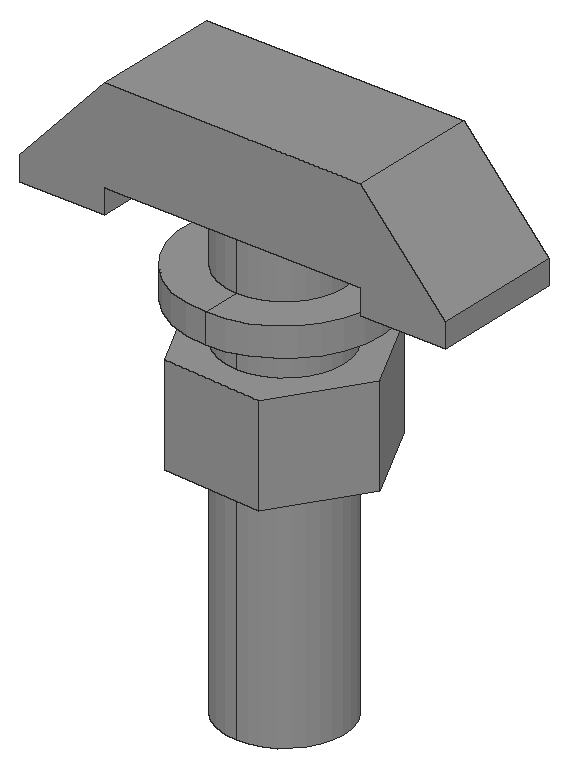
Revit family "hakenkopfschraube", category Generic Models, Revit 2017
Family settings
  Can host rebar = No
  Round Connector Dimension = Use Diameter
  Part Type = Normal
  Work Plane-Based = No
  Always vertical = Yes
  Cut with Voids When Loaded = No
  Shared = No
  Room Calculation Point = No
Parameters (values of type "MS50HB M12x60 ZL")
  URL = "http://www.obo-bettermann.com"
  Material = Steel
  Manufacturer Art.No. = "1148230"
  Manufacturer = "OBO BETTERMANN"
  GTIN = "4012196489756"
  Article Type = "MS50HB M12x60 ZL"
Reference planes
  plane 1 "Center (Front/Back)": y = 0
  plane 2: z = 0
  plane 3 "Center (Left/Right)": x = 0
  plane 4: z = 12
  plane 5: z = 2.471
  plane 6: y = 13
  plane 7: y = 6.5
  plane 8: z = -43.3
  plane 9: y = 6.5
  plane 10: z = -19.674
  plane 11: z = -9.674
Forms (mm)
  Extrusion 1, solid, material "Steel" <- "Material"
    sketch origin (0, 0, 0) x (1, 0, 0) y (0, 0, 1)
      loop
        line (-21.65, 0) -> (-13.027, 0) -> (-13.027, 2.471) -> (0, 2.471) -> (13.003, 2.471) -> (13.003, 0) -> (21.65, 0) -> (21.65, 2.471) -> (13.003, 12) -> (-13.027, 12) -> (-21.65, 2.471) -> (-21.65, 0)
    from -13 to 0
  Revolve 2, solid, material "Steel" <- "Material"
    sketch origin (0, 0, 0) x (0, 1, 0) y (0, 0, 1)
      loop
        line (6.5, 2.443) -> (0.467, 2.443) -> (0.467, -43.425) -> (6.5, -43.425) -> (6.5, 2.443)
      axis (6.5, 2.443) -> (6.5, -43.425)
    angle from 0 to 360
  Revolve 3, solid, material "Steel" <- "Material"
    sketch origin (0, 0, 0) x (0, 1, 0) y (0, 0, 1)
      loop
        line (6.5, -2.743) -> (-3.5, -2.743) -> (-3.5, -5.71) -> (6.5, -5.71) -> (6.5, -2.743)
      axis (6.5, -2.743) -> (6.5, -5.71)
    angle from 0 to 360
  Extrusion 4, solid, material "Steel" <- "Material"
    sketch origin (0, 0, 0) x (1, 0, 0) y (0, 1, 0)
      loop
        line (4.562, -2.399) -> (10.034, 6.028) -> (5.684, 14.566) -> (-4.815, 15.116) -> (-10.034, 7.08) -> (-5.472, -1.873) -> (4.562, -2.399)
      loop
        circle (0, 6.482) r 5.917
    from -19.674 to -9.674
Dimensions and locks
  plane 4 to level = 12 mm
  plane 3 "Center (Left/Right)" to Extrusion 1 sketch curve = 21.65 mm
  locked: plane 3 "Center (Left/Right)" to Extrusion 1 sketch curve at 21.65
  locked: Extrusion 1 sketch curve to Extrusion 1 sketch curve at 8.623
  locked: Extrusion 1 sketch curve to Extrusion 1 sketch curve at 8.647
  locked: Extrusion 1 sketch curve to Extrusion 1 sketch curve at 26.03
  locked: Extrusion 1 sketch curve to Extrusion 1 sketch curve at 9.529  (x2)
  locked: plane 1 "Center (Front/Back)" to plane 6 at 13
  locked: Extrusion 1 sketch curve to Extrusion 1 sketch curve at 12
  locked: level to plane 8 at 43.3
  locked: Extrusion 1 to level at 2.471  (x2)
  locked: Extrusion 1 to Revolve 2 at 45.896  (x2)
  plane 11 to plane 10 = 10 mm
  locked: plane 3 "Center (Left/Right)" to Extrusion 4 sketch curve at 5.917
  locked: plane 3 "Center (Left/Right)" to Extrusion 4 sketch curve at 10.034
  aligned and locked: level to plane 2
  aligned and locked: Extrusion 1 sketch curve to level
  aligned and locked: level to Extrusion 1 sketch curve
  aligned and locked: plane 1 "Center (Front/Back)" to Extrusion 1
  aligned and locked: plane 6 to Extrusion 1
  aligned and locked: Extrusion 4 to plane 10
  aligned and locked: Extrusion 4 to plane 11
